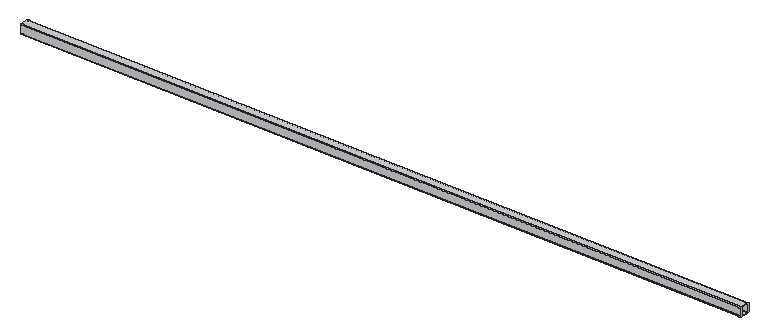
Revit family "56W1.5x1.5 Web", category Structural Framing, Revit 2020
Family settings
  Section Shape = Not Defined
  Material for Model Behavior = Steel
  Always export as geometry = No
  OmniClass Number = 23.25.30.11.14.14
  OmniClass Title = Beams
  Always vertical = Yes
  Cut with Voids When Loaded = No
  Symbolic Representation = From Family
  Shared = No
  Show family pre-cut in plan views = Yes
Parameters
  Weight lbs per ft [instance] = 1.1055
  URL = "https://www.trussteel.com/details_files/pdf/ts010.pdf"
  Total Member Weight lbs [instance] = Length / 1' 0" * Weight lbs per ft  # 11.055
  Structural Material = ASTM A500 Grade A Modified Fy 45 ksi - Fu 48 ksi
  Steel Design Thickness (in) [instance] = 0.059
  Model = "56W1.5x1.5"
  Manufacturer = "TrusSteel"
  Length [instance] = 10' - 0"
  Fy (ksi) [instance] = 45
  Fu (ksi) [instance] = 48
  Description = "Tube Web"
  Cross Section Area (in2) [instance] = 0.3251
  Beam Width = 0' - 1 1/2"
  Beam Height = 0' - 1 1/2"
Reference planes (in)
  plane 1 "Center (Front/Back)": y = 0
  plane 2 "Center El.": z = 0
  plane 3 "Center (Left/Right)": x = 0
  plane 4 "Left": x = -60
  plane 5 "Right": x = 60
Forms (in)
  Extrusion 1, solid
    sketch origin (0, 0, 0) x (0, 1, 0) y (0, 0, 1)
      loop
        arc (-0.645, 0.75) -> (-0.71925, 0.71925) -> (-0.75, 0.645) r 0.105
        line (-0.75, 0.645) -> (-0.75, -0.645)
        arc (-0.75, -0.645) -> (-0.71925, -0.71925) -> (-0.645, -0.75) r 0.105
        line (-0.645, -0.75) -> (0.645, -0.75)
        arc (0.645, -0.75) -> (0.71925, -0.71925) -> (0.75, -0.645) r 0.105
        line (0.75, -0.645) -> (0.75, 0.645)
        arc (0.75, 0.645) -> (0.71925, 0.71925) -> (0.645, 0.75) r 0.105
        line (0.645, 0.75) -> (-0.645, 0.75)
      loop
        line (0.645, 0.692) -> (-0.645, 0.692)
        arc (-0.645, 0.692) -> (-0.67823, 0.67823) -> (-0.692, 0.645) r 0.047
        line (-0.692, 0.645) -> (-0.692, -0.645)
        arc (-0.692, -0.645) -> (-0.67823, -0.67823) -> (-0.645, -0.692) r 0.047
        line (-0.645, -0.692) -> (0.645, -0.692)
        arc (0.645, -0.692) -> (0.67823, -0.67823) -> (0.692, -0.645) r 0.047
        line (0.692, -0.645) -> (0.692, 0.645)
        arc (0.692, 0.645) -> (0.67823, 0.67823) -> (0.645, 0.692) r 0.047
    from -60 to 60
Dimensions and locks (in)
  equal spacing: plane 4 "Left", plane 3 "Center (Left/Right)", plane 5 "Right"
  "Length": plane 4 "Left" to plane 5 "Right"
  "Beam Width": Extrusion 1 to Extrusion 1
  "Beam Height": Extrusion 1 to Extrusion 1
  aligned and locked: level to plane 2 "Center El."
  aligned and locked: plane 4 "Left" to Extrusion 1
  aligned and locked: Extrusion 1 to plane 5 "Right"
Automatic sketch dimensions
  plane 1 "Center (Front/Back)" to Extrusion 1 sketch curve = 0' - 0 3/4"
  Extrusion 1 sketch curve to Extrusion 1 sketch curve = 0' - 0.105"  (x3)
  Extrusion 1 sketch curve to plane 1 "Center (Front/Back)" = 0' - 0.645"  (x2)
  Extrusion 1 sketch curve to level = 0' - 0 3/4"
  level to Extrusion 1 sketch curve = 0' - 0.645"
  Extrusion 1 sketch curve to Extrusion 1 sketch curve = 0' - 0"  (x7)
  Extrusion 1 sketch curve to Extrusion 1 sketch curve = 0' - 0.047"
